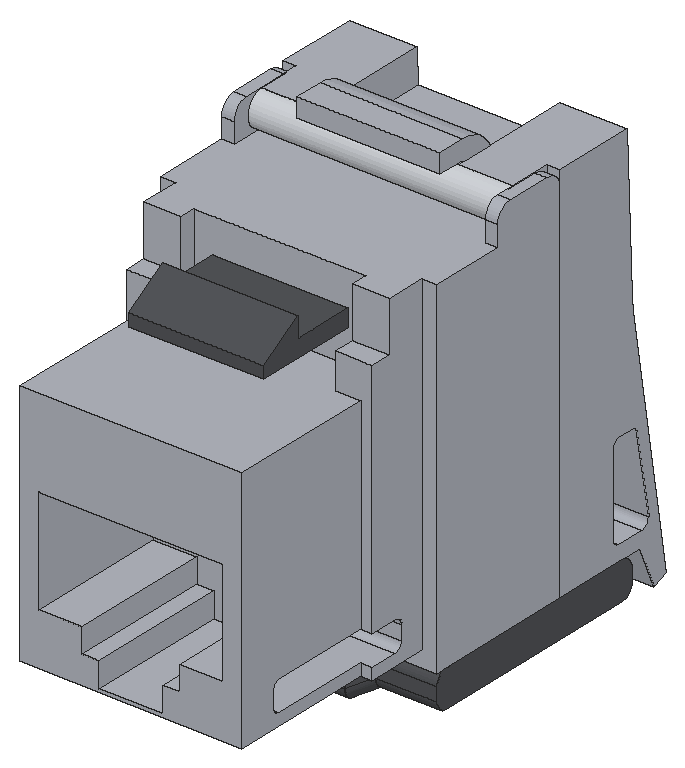
Revit family "RJ45 FTP_FRA", category Equipement spécialisé, Revit 2020
Family settings
  Cote de connecteur circulaire = Utiliser le diamètre
  Type d'élément = Normal
  Basée sur le plan de construction = Non
  Toujours verticalement = Oui
  Couper avec des vides une fois chargée = Non
  Partagée = Oui
  Point de calcul de pièce = Non
Parameters (values of type "Connecteur RJ45 Catégorie 6 FTP (lot de 24)")
  Type de connecteur = "RJ45"
  Température de stockage = "-10_à_70"
  Température de fonctionnement = "-10_à_60"
  Section AWG = "23-26"
  Référence Legrand = "632908"
  Profondeur = 34 mm
  Lien e-catalogue = "https://www.legrand.fr/reference/632908/pro"
  Libellé BIM = "Connecteur RJ45 Catégorie 6 FTP (lot de 24)"
  Largeur (mm) = 18 mm
  IP = "IP20"
  IK = "IK04"
  Hauteur = 31 mm
  Fonction = "Prises murales RJ45"
  Elévation par défaut = 0 mm
  EAN = "3414972227278"
  Diamètre max du câble en entrée = "9MM"
  Couleur = IDS_GRIS
  Classe ETIM = "EC001121"
  Catégorie = "6"
  Blindé = yes
Reference planes
  plane 1 "Centre (avant/arrière)": y = 106
  plane 2: z = 0
  plane 3: x = 0
  plane 4: z = 16.075
  plane 5: x = 14.47
  plane 6: y = 115.65
  plane 7: x = 1.24
  plane 8: x = 13.23
  plane 9: z = 10.32
  plane 10: z = 3.44
  plane 11: z = 0.2
  plane 12: x = 5.16
  plane 13: x = 9.31
  plane 14: z = 1.86
  plane 15: x = 4.06
  plane 16: x = 10.41
  plane 17: y = 119.65
  plane 18: z = 21.675
  plane 19: z = -1
  plane 20: y = 117.05
  plane 21: z = 18.375
  plane 22: x = -0.765
  plane 23: x = 15.235
  plane 24: x = 7.235
  plane 25: z = 24
  plane 26: y = 129.65
  plane 27: y = 124.65
  plane 28: x = -1.765
  plane 29: x = 16.235
  plane 30: x = -0.94
  plane 31: x = 15.41
  plane 32: x = 7.235
  plane 33: z = 25.375
  plane 34: z = 24.125
  plane 35: y = 125.35
  plane 36: y = 126.85
  plane 37: z = 22.9
  plane 38: y = 131.35
  plane 39: y = 127.35
  plane 40: z = -4.8
  plane 41: y = 128.15
  plane 42: z = 22.875
  plane 43: y = 126.85
  plane 44: y = 135.45
  plane 45: z = 14
  plane 46: y = 138.3
  plane 47: z = -3.3
  plane 48: y = 137.3
  plane 49: z = -3.7
  plane 50: y = 123.65
  plane 51: z = 10.5
  plane 52: z = -3.44
  plane 53: y = 135.55
  plane 54: z = -3.44
  plane 55: y = 135.55
  plane 56: z = -4.8
  plane 57: y = 108.5
  plane 58: z = 18.2
  plane 59: z = 19.4
  plane 60: y = 114.05
  plane 61: y = 111.35
  plane 62: z = 20.7
  plane 63: y = 113.65
  plane 64: z = 19
  plane 65: y = 114.2
  plane 66: z = -1.5
  plane 67: y = 111.3
  plane 68: x = 1.635
  plane 69: x = 12.835
  plane 70: y = 134
  plane 71: z = 6.3
  plane 72: y = 135.85
  plane 73: y = 137
  plane 74: y = 134
  plane 75: z = 6.3
  plane 76: y = 135.85
  plane 77: y = 137
Forms (mm)
  Extrusion 1, solid, material "IDS_GRIS" <- "Couleur"
    sketch origin (0, 106, 0) x (1, 0, 0) y (0, 0, 1)
      loop
        line (0, 0) -> (14.47, 0) -> (14.47, 16.075) -> (0, 16.075) -> (0, 0)
    from 0 to -9.65
  Extrusion 2, void
    sketch origin (0, 106, 0) x (-1, 0, 0) y (0, 0, 1)
      loop
        line (-1.24, 3.44) -> (-1.24, 10.32) -> (-13.23, 10.32) -> (-13.23, 3.44) -> (-10.41, 3.44) -> (-10.41, 1.86) -> (-9.31, 1.86) -> (-9.31, 0.2) -> (-5.16, 0.2) -> (-5.16, 1.86) -> (-4.06, 1.86) -> (-4.06, 3.44) -> (-1.24, 3.44)
    from 0 to 9.3
  Extrusion 3, solid, material "IDS_GRIS" <- "Couleur"
    sketch origin (-0.765, -1524, -4.284) x (0, 0, -1) y (0, -1, 0)
      loop
        line (-4.284, -1639.65) -> (-22.659, -1639.65) -> (-22.659, -1641.05) -> (-25.959, -1641.05) -> (-25.959, -1643.65) -> (-4.284, -1643.65) -> (-4.284, -1639.65)
    from 0 to -16
  Extrusion 4, void
    sketch origin (-27.014, 115.65, 1200) x (1, 0, 0) y (0, 0, 1)
      loop
        line (28.649, -1178.325) -> (28.649, -1183.925) -> (39.849, -1183.925) -> (39.849, -1178.325) -> (28.649, -1178.325)
    from 0 to -2.5
  Extrusion 5, solid, material "IDS_GRIS" <- "Couleur"
    sketch origin (-1.765, -1524, -2.503) x (0, 0, -1) y (0, -1, 0)
      loop
        line (-1.503, -1653.65) -> (-1.503, -1643.65) -> (-24.178, -1643.65) -> (-24.178, -1648.65) -> (-25.503, -1648.65)
        arc (-25.503, -1648.65) -> (-26.21, -1648.943) -> (-26.503, -1649.65) r 1
        line (-26.503, -1649.65) -> (-26.503, -1652.65)
        arc (-26.503, -1652.65) -> (-26.21, -1653.357) -> (-25.503, -1653.65) r 1
        line (-25.503, -1653.65) -> (-1.503, -1653.65)
    from 0 to -18
  Extrusion 6, void
    sketch origin (0, 124.65, 27.667) x (0, 0, -1) y (-1, 0, 0)
      loop
        line (5.992, 0.94) -> (3.667, 0.94) -> (3.667, -15.41) -> (5.992, -15.41) -> (5.992, 0.94)
    from 0 to 5
  Extrusion 7, solid, material "IDS_GRIS" <- "Couleur"
    sketch origin (7.235, -1524, 28.784) x (0, 0, 1) y (0, -1, 0)
      loop
        line (-7.109, -1650.85) -> (-7.109, -1653.65) -> (-5.809, -1653.65)
        arc (-5.809, -1653.65) -> (-4.112, -1652.947) -> (-3.409, -1651.25) r 2.4
        line (-3.409, -1651.25) -> (-3.409, -1649.35) -> (-4.659, -1649.35) -> (-4.659, -1650.85)
        arc (-4.659, -1650.85) -> (-5.884, -1652.075) -> (-7.109, -1650.85) r 1.225
    from -4.65 to 4.65
  Extrusion 8, solid, material "IDS_GRIS" <- "Couleur"
    sketch origin (7.235, -1524, 28.784) x (0, 0, 1) y (0, -1, 0)
      loop
        line (-28.784, -1655.35) -> (-28.784, -1651.35) -> (-32.824, -1651.405)
        arc (-32.824, -1651.405) -> (-33.277, -1651.703) -> (-33.584, -1652.15) r 1.4
        line (-33.584, -1652.15) -> (-33.584, -1654.85)
        arc (-33.584, -1654.85) -> (-33.437, -1655.204) -> (-33.084, -1655.35) r 0.5
        line (-33.084, -1655.35) -> (-28.784, -1655.35)
    from -5 to 5
  Extrusion 9, solid
    sketch origin (7.235, -1524, 28.784) x (0, 0, 1) y (0, -1, 0)
      loop
        circle (-5.909, -1650.85) r 1.15
    from -8.175 to 8.175
  Extrusion 10, solid, material "IDS_GRIS" <- "Couleur"
    sketch origin (7.235, -1524, 28.784) x (0, 0, 1) y (0, -1, 0)
      loop
        line (-29.784, -1653.65) -> (-29.784, -1660.22) -> (-32.484, -1661.3) -> (-32.084, -1662.3) -> (-15.732, -1659.665)
        arc (-15.732, -1659.665) -> (-15.261, -1659.579) -> (-14.784, -1659.541) r 4.871
        line (-14.784, -1659.541) -> (-4.759, -1659.1) -> (-4.759, -1650.85)
        arc (-4.759, -1650.85) -> (-5.909, -1649.7) -> (-7.059, -1650.85) r 1.15
        line (-7.059, -1650.85) -> (-7.059, -1653.65) -> (-29.784, -1653.65)
    from -9 to 9
  Extrusion 11, void
    sketch origin (-1.765, -1524, -2.503) x (0, 0, 1) y (0, -1, 0)
      loop
        line (24.228, -1653.65) -> (26.528, -1653.65) -> (26.528, -1650.85)
        arc (26.528, -1650.85) -> (25.378, -1649.7) -> (24.228, -1650.85) r 1.15
        line (24.228, -1650.85) -> (24.228, -1653.65)
    from 0.825 to 0
  Extrusion 12, void
    sketch origin (16.235, -1524, 29.162) x (0, 0, -1) y (0, -1, 0)
      loop
        line (5.137, -1650.85) -> (5.137, -1653.65) -> (7.437, -1653.65) -> (7.437, -1650.85)
        arc (7.437, -1650.85) -> (6.287, -1649.7) -> (5.137, -1650.85) r 1.15
    from 0 to 0.825
  Extrusion 13, void
    sketch origin (7.235, -1524, 28.784) x (0, 0, -1) y (0, -1, 0)
      loop
        line (4.759, -1650.85) -> (4.759, -1659.1) -> (7.059, -1659.201) -> (7.059, -1650.85)
        arc (7.059, -1650.85) -> (5.909, -1652) -> (4.759, -1650.85) r 1.15
    from -4.65 to 4.65
  Extrusion 14, void
    sketch origin (0, 123.65, 24.886) x (0, 0, -1) y (-1, 0, 0)
      loop
        circle (14.386, -7.235) r 4.9
    from 0 to 26.097
  Extrusion 15, solid, material "IDS_GRIS" <- "Couleur"
    sketch origin (7.235, -1524, 28.784) x (0, 0, 1) y (0, -1, 0)
      loop
        line (-29.784, -1655.35) -> (-33.384, -1655.35) -> (-34.205, -1660.007)
        arc (-34.205, -1660.007) -> (-33.951, -1660.533) -> (-33.371, -1660.46) r 0.5
        line (-33.371, -1660.46) -> (-29.784, -1657.114) -> (-29.784, -1655.35)
    from -5 to 5
  Extrusion 16, solid, material "IDS_NOIR"
    sketch origin (2.235, -1524, 28.784) x (0, 0, -1) y (0, -1, 0)
      loop
        line (32.224, -1658.75) -> (32.224, -1644.45)
        arc (32.224, -1644.45) -> (31.989, -1643.884) -> (31.424, -1643.65) r 0.8
        line (31.424, -1643.65) -> (30.584, -1643.65)
        arc (30.584, -1643.65) -> (30.018, -1643.884) -> (29.784, -1644.45) r 0.8
        line (29.784, -1644.45) -> (29.784, -1658.75)
        arc (29.784, -1658.75) -> (30.018, -1659.316) -> (30.584, -1659.55) r 0.8
        line (30.584, -1659.55) -> (31.424, -1659.55)
        arc (31.424, -1659.55) -> (31.989, -1659.316) -> (32.224, -1658.75) r 0.8
    from 0 to 4
  Extrusion 17, solid, material "IDS_NOIR"
    sketch origin (12.235, -1524, 28.784) x (0, 0, -1) y (0, 1, 0)
      loop
        arc (32.224, 1658.75) -> (31.989, 1659.316) -> (31.424, 1659.55) r 0.8
        line (31.424, 1659.55) -> (30.584, 1659.55)
        arc (30.584, 1659.55) -> (30.018, 1659.316) -> (29.784, 1658.75) r 0.8
        line (29.784, 1658.75) -> (29.784, 1644.45)
        arc (29.784, 1644.45) -> (30.018, 1643.884) -> (30.584, 1643.65) r 0.8
        line (30.584, 1643.65) -> (31.424, 1643.65)
        arc (31.424, 1643.65) -> (31.989, 1643.884) -> (32.224, 1644.45) r 0.8
        line (32.224, 1644.45) -> (32.224, 1658.75)
    from 0 to 4
  Extrusion 18, solid, material "IDS_NOIR"
    sketch origin (7.235, -1524, 28.784) x (0, 0, 1) y (0, -1, 0)
      loop
        line (-29.784, -1658.75) -> (-29.784, -1657.95)
        arc (-29.784, -1657.95) -> (-30.018, -1657.384) -> (-30.584, -1657.15) r 0.8
        line (-30.584, -1657.15) -> (-31.424, -1657.15)
        arc (-31.424, -1657.15) -> (-31.989, -1657.384) -> (-32.224, -1657.95) r 0.8
        line (-32.224, -1657.95) -> (-32.224, -1658.75)
        arc (-32.224, -1658.75) -> (-31.989, -1659.316) -> (-31.424, -1659.55) r 0.8
        line (-31.424, -1659.55) -> (-30.584, -1659.55)
        arc (-30.584, -1659.55) -> (-30.018, -1659.316) -> (-29.784, -1658.75) r 0.8
    from -5 to 5
  Extrusion 19, solid, material "IDS_NOIR"
    sketch origin (7.235, -1524, 28.784) x (0, 0, 1) y (0, -1, 0)
      loop
        arc (-31.034, -1644.45) -> (-31.268, -1643.884) -> (-31.834, -1643.65) r 0.8
        line (-31.834, -1643.65) -> (-32.784, -1643.65)
        arc (-32.784, -1643.65) -> (-33.349, -1643.884) -> (-33.584, -1644.45) r 0.8
        line (-33.584, -1644.45) -> (-33.584, -1650.55)
        arc (-33.584, -1650.55) -> (-33.349, -1651.116) -> (-32.784, -1651.35) r 0.8
        line (-32.784, -1651.35) -> (-31.834, -1651.35)
        arc (-31.834, -1651.35) -> (-31.268, -1651.116) -> (-31.034, -1650.55) r 0.8
        line (-31.034, -1650.55) -> (-31.034, -1644.45)
    from -3 to 3
  SweptBlend 20, solid, material "IDS_NOIR"
    path origin (7.235, 119.65, -4) x (0, 0, 1) y (-1, 0, 0)
      loop
        line (0.95, 3) -> (0.95, 5)
    profile origin (4.235, 119.65, -3.05) x (0, 0, -1) y (0, -1, 0)
      loop
        line (-0.8, -0.8) -> (-0.8, -6.9)
        arc (-0.8, -6.9) -> (-0.566, -7.466) -> (0, -7.7) r 0.8
        line (0, -7.7) -> (0.95, -7.7)
        arc (0.95, -7.7) -> (1.516, -7.466) -> (1.75, -6.9) r 0.8
        line (1.75, -6.9) -> (1.75, -0.8)
        arc (1.75, -0.8) -> (1.516, -0.234) -> (0.95, 0) r 0.8
        line (0.95, 0) -> (0, 0)
        arc (0, 0) -> (-0.566, -0.234) -> (-0.8, -0.8) r 0.8
    end profile origin (2.235, 119.65, -3.05) x (0, 0, -1) y (0, -1, 0)
      loop
        line (-0.41, 0) -> (-1.25, 0)
        arc (-1.25, 0) -> (-1.816, -0.234) -> (-2.05, -0.8) r 0.8
        line (-2.05, -0.8) -> (-2.05, -6.9)
        arc (-2.05, -6.9) -> (-1.816, -7.466) -> (-1.25, -7.7) r 0.8
        line (-1.25, -7.7) -> (-0.41, -7.7)
        arc (-0.41, -7.7) -> (0.156, -7.466) -> (0.39, -6.9) r 0.8
        line (0.39, -6.9) -> (0.39, -0.8)
        arc (0.39, -0.8) -> (0.156, -0.234) -> (-0.41, 0) r 0.8
  SweptBlend 21, solid, material "IDS_NOIR"
    path origin (7.235, 119.65, -4) x (0, 0, 1) y (-1, 0, 0)
      loop
        line (0.886, -3) -> (0.886, -5)
    profile origin (10.235, 119.65, -3.114) x (0, 0, 1) y (0, -1, 0)
      loop
        line (-1.686, -0.8) -> (-1.686, -6.9)
        arc (-1.686, -6.9) -> (-1.452, -7.466) -> (-0.886, -7.7) r 0.8
        line (-0.886, -7.7) -> (0.064, -7.7)
        arc (0.064, -7.7) -> (0.629, -7.466) -> (0.864, -6.9) r 0.8
        line (0.864, -6.9) -> (0.864, -0.8)
        arc (0.864, -0.8) -> (0.629, -0.234) -> (0.064, 0) r 0.8
        line (0.064, 0) -> (-0.886, 0)
        arc (-0.886, 0) -> (-1.452, -0.234) -> (-1.686, -0.8) r 0.8
    end profile origin (12.235, 119.65, -3.114) x (0, 0, 1) y (0, -1, 0)
      loop
        arc (0.474, 0) -> (-0.092, -0.234) -> (-0.326, -0.8) r 0.8
        line (-0.326, -0.8) -> (-0.326, -6.9)
        arc (-0.326, -6.9) -> (-0.092, -7.466) -> (0.474, -7.7) r 0.8
        line (0.474, -7.7) -> (1.314, -7.7)
        arc (1.314, -7.7) -> (1.879, -7.466) -> (2.114, -6.9) r 0.8
        line (2.114, -6.9) -> (2.114, -0.8)
        arc (2.114, -0.8) -> (1.879, -0.234) -> (1.314, 0) r 0.8
        line (1.314, 0) -> (0.474, 0)
  Extrusion 22, void
    sketch origin (14.47, 106, 0) x (0, 0, -1) y (0, -1, 0)
      loop
        arc (-0.75, -3.03) -> (-0.896, -2.676) -> (-1.25, -2.53) r 0.5
        line (-1.25, -2.53) -> (-2.225, -2.53)
        arc (-2.225, -2.53) -> (-2.579, -2.676) -> (-2.725, -3.03) r 0.5
        line (-2.725, -3.03) -> (-2.725, -11.53)
        arc (-2.725, -11.53) -> (-2.579, -11.884) -> (-2.225, -12.03) r 0.5
        line (-2.225, -12.03) -> (-1.25, -12.03)
        arc (-1.25, -12.03) -> (-0.896, -11.884) -> (-0.75, -11.53) r 0.5
        line (-0.75, -11.53) -> (-0.75, -3.03)
    from -0.765 to 2.76
  Extrusion 23, void
    sketch origin (0, 106, 0) x (0, 0, -1) y (0, 1, 0)
      loop
        line (-0.75, 3) -> (-0.75, 11.5)
        arc (-0.75, 11.5) -> (-0.896, 11.854) -> (-1.25, 12) r 0.5
        line (-1.25, 12) -> (-2.225, 12)
        arc (-2.225, 12) -> (-2.579, 11.854) -> (-2.725, 11.5) r 0.5
        line (-2.725, 11.5) -> (-2.725, 3)
        arc (-2.725, 3) -> (-2.579, 2.646) -> (-2.225, 2.5) r 0.5
        line (-2.225, 2.5) -> (-1.25, 2.5)
        arc (-1.25, 2.5) -> (-0.896, 2.646) -> (-0.75, 3) r 0.5
    from -0.765 to 2.76
  Extrusion 24, solid, material "IDS_NOIR"
    sketch origin (7.235, -1524, 28.784) x (0, 0, 1) y (0, -1, 0)
      loop
        line (-10.584, -1642.15) -> (-9.384, -1642.15) -> (-9.384, -1638.05) -> (-8.084, -1638.05) -> (-9.784, -1635.35) -> (-10.584, -1635.35) -> (-10.584, -1642.15)
    from -4.4 to 4.4
  Extrusion 25, solid, material "IDS_GRIS" <- "Couleur"
    sketch origin (7.235, -1524, 28.784) x (0, 0, 1) y (0, -1, 0)
      loop
        line (-28.784, -1638.2) -> (-28.784, -1635.3) -> (-30.284, -1638.2) -> (-28.784, -1638.2)
    from -5.25 to 5.25
  Extrusion 26, void
    sketch origin (-1.765, -1524, 28.784) x (0, 0, 1) y (0, -1, 0)
      loop
        line (-28.194, -1660.892) -> (-22.484, -1659.85) -> (-22.484, -1658.5)
        arc (-22.484, -1658.5) -> (-22.63, -1658.146) -> (-22.984, -1658) r 0.5
        line (-22.984, -1658) -> (-28.284, -1658)
        arc (-28.284, -1658) -> (-28.637, -1658.146) -> (-28.784, -1658.5) r 0.5
        line (-28.784, -1658.5) -> (-28.784, -1660.4)
        arc (-28.784, -1660.4) -> (-28.604, -1660.784) -> (-28.194, -1660.892) r 0.5
    from 0 to 6
  Extrusion 27, void
    sketch origin (16.235, -1524, 28.784) x (0, 0, 1) y (0, 1, 0)
      loop
        arc (-28.194, 1660.892) -> (-28.604, 1660.784) -> (-28.784, 1660.4) r 0.5
        line (-28.784, 1660.4) -> (-28.784, 1658.5)
        arc (-28.784, 1658.5) -> (-28.637, 1658.146) -> (-28.284, 1658) r 0.5
        line (-28.284, 1658) -> (-22.984, 1658)
        arc (-22.984, 1658) -> (-22.63, 1658.146) -> (-22.484, 1658.5) r 0.5
        line (-22.484, 1658.5) -> (-22.484, 1659.85) -> (-28.194, 1660.892)
    from 0 to 6
Cuts and joins
  Extrusion 2, Extrusion 4, Extrusion 14, Extrusion 22, Extrusion 23 cuts Extrusion 1
  Extrusion 4, Extrusion 14, Extrusion 22, Extrusion 23 cuts Extrusion 3
  Extrusion 6, Extrusion 22, Extrusion 23 cuts Extrusion 5
  joined: Extrusion 1, Extrusion 3, Extrusion 5, Extrusion 25
  Extrusion 11, Extrusion 13 cuts Extrusion 9
  Extrusion 11, Extrusion 12, Extrusion 13, Extrusion 14, Extrusion 26, Extrusion 27 cuts Extrusion 10
  joined: Extrusion 16, Extrusion 17, Extrusion 18, Extrusion 19
  joined: SweptBlend 20, SweptBlend 21
Dimensions and locks
  locked: plane 4 to level at 16.075
  locked: plane 5 to plane 3 at 14.47
  locked: plane 1 "Centre (avant/arrière)" to plane 6 at 9.65
  plane 7 to plane 3 = 1.24 mm
  plane 5 to plane 8 = 1.24 mm
  plane 11 to level = 0.2 mm
  plane 15 to plane 7 = 2.82 mm
  plane 8 to plane 16 = 2.82 mm
  plane 12 to plane 15 = 1.1 mm
  plane 16 to plane 13 = 1.1 mm
  plane 14 to plane 11 = 1.66 mm
  plane 10 to plane 14 = 1.58 mm
  plane 9 to plane 10 = 6.88 mm
  plane 17 to plane 6 = 4 mm
  locked: plane 18 to plane 4 at 5.6
  plane 21 to plane 4 = 2.3 mm
  plane 20 to plane 6 = 1.4 mm
  locked: plane 22 to plane 3 at 0.765
  locked: plane 5 to plane 23 at 0.765
  equal spacing: plane 22, plane 24, plane 23
  locked: level to plane 19 at 1
  plane 26 to plane 17 = 10 mm
  plane 26 to plane 27 = 5 mm
  locked: plane 28 to plane 22 at 1
  locked: plane 29 to plane 23 at 1
  plane 28 to plane 30 = 0.825 mm
  plane 29 to plane 31 = 0.825 mm
  plane 25 to plane 18 = 2.325 mm
  equal spacing: plane 28, plane 32, plane 29, locked at 9 each
  plane 33 to plane 18 = 3.7 mm
  plane 33 to plane 34 = 1.25 mm
  plane 26 to plane 35 = 4.3 mm
  plane 36 to plane 35 = 1.5 mm
  equal spacing: plane 34, plane 37, cut or joined group 1 (Extrusion 1, Extrusion 2, Extrusion 3, Extrusion 4, Extrusion 5, Extrusion 6, Extrusion 14, Extrusion 22, Extrusion 23, Extrusion 25)
  locked: plane 38 to cut or joined group 1 at 1.7
  plane 38 to plane 39 = 4 mm
  plane 38 to plane 41 = 3.2 mm
  plane 42 to plane 18 = 1.2 mm
  Extrusion 10 sketch curve to cut or joined group 1 = 5.45 mm
  plane 19 to plane 45 = 15 mm
  plane 44 to cut or joined group 1 = 5.8 mm
  cut or joined group 1 to plane 46 = 8.65 mm
  plane 19 to plane 47 = 2.3 mm
  plane 19 to plane 49 = 2.7 mm
  plane 26 to plane 50 = 6 mm
  plane 51 to plane 25 = 13.5 mm
  plane 19 to Extrusion 15 sketch curve = 3.6 mm
  plane 19 to plane 40 = 3.8 mm
  plane 52 to cut or joined group of Extrusion 10, Extrusion 11, Extrusion 12, Extrusion 13, Extrusion 14, Extrusion 26, Extrusion 27 = 2.44 mm
  plane 53 to plane 17 = 15.9 mm
  plane 19 to Extrusion 19 sketch curve = 1.25 mm
  cut or joined group 1 to Extrusion 22 sketch curve = 0.75 mm
  Extrusion 22 sketch curve to Extrusion 22 sketch curve = 1.975 mm
  Extrusion 22 sketch curve to cut or joined group 1 = 2.53 mm
  Extrusion 22 sketch curve to Extrusion 22 sketch curve = 9.5 mm
  Extrusion 23 sketch curve to Extrusion 23 sketch curve = 1.975 mm
  Extrusion 23 sketch curve to Extrusion 23 sketch curve = 9.5 mm
  plane 57 to plane 1 "Centre (avant/arrière)" = 2.5 mm
  plane 26 to plane 43 = 2.8 mm
  plane 58 to level = 18.2 mm
  plane 59 to plane 58 = 1.2 mm
  cut or joined group 1 to plane 61 = 5.7 mm
  cut or joined group 1 to plane 60 = 3 mm
  plane 62 to plane 59 = 1.3 mm
  plane 64 to plane 58 = 0.8 mm
  plane 65 to plane 1 "Centre (avant/arrière)" = 8.2 mm
  plane 68 to plane 24 = 5.6 mm
  plane 69 to plane 24 = 5.6 mm
  plane 70 to plane 1 "Centre (avant/arrière)" = 28 mm
  plane 71 to level = 6.3 mm
  plane 72 to plane 70 = 1.85 mm
  plane 73 to plane 70 = 3 mm
  plane 74 to plane 76 = 1.85 mm
  plane 74 to plane 77 = 3 mm
  radius of Extrusion 9 sketch curve = 1.15 mm
  angle Extrusion 15 sketch curve to Extrusion 15 sketch curve = 100.00°
  angle Extrusion 15 sketch curve to Extrusion 15 sketch curve = 37.00°
  aligned and locked: level to plane 2
  aligned and locked: plane 2 to Extrusion 1 sketch curve
  aligned and locked: plane 3 to Extrusion 1 sketch curve
  aligned and locked: Extrusion 1 sketch curve to plane 4
  aligned and locked: plane 5 to Extrusion 1 sketch curve
  aligned and locked: plane 6 to Extrusion 1
  aligned and locked: Extrusion 2 sketch curve to plane 7
  aligned and locked: plane 9 to Extrusion 2 sketch curve
  aligned and locked: plane 8 to Extrusion 2 sketch curve
  aligned and locked: Extrusion 2 sketch curve to plane 10  (x2)
  aligned and locked: plane 16 to Extrusion 2 sketch curve
  aligned and locked: Extrusion 2 sketch curve to plane 14  (x2)
  aligned and locked: plane 13 to Extrusion 2 sketch curve
  aligned and locked: Extrusion 2 sketch curve to plane 11
  aligned and locked: plane 12 to Extrusion 2 sketch curve
  aligned and locked: Extrusion 2 sketch curve to plane 15
  aligned and locked: Extrusion 3 sketch curve to plane 17
  aligned and locked: plane 18 to Extrusion 3 sketch curve
  aligned and locked: Extrusion 3 sketch curve to plane 20
  aligned and locked: plane 21 to Extrusion 3 sketch curve
  aligned and locked: Extrusion 3 sketch curve to plane 6
  aligned and locked: plane 23 to Extrusion 3
  aligned and locked: Extrusion 5 sketch curve to plane 26
  aligned and locked: plane 25 to Extrusion 5 sketch curve
  aligned and locked: plane 27 to Extrusion 5 sketch curve
  aligned and locked: Extrusion 5 sketch curve to plane 18
  aligned and locked: Extrusion 5 sketch curve to Extrusion 3
  aligned and locked: Extrusion 5 sketch curve to plane 19
  aligned and locked: plane 29 to Extrusion 5
  aligned and locked: plane 18 to Extrusion 6 sketch curve
  aligned and locked: plane 30 to Extrusion 6 sketch curve
  aligned and locked: Extrusion 6 sketch curve to plane 25
  aligned and locked: Extrusion 6 sketch curve to plane 31
  aligned and locked: Extrusion 6 to plane 26
  aligned and locked: Extrusion 7 sketch curve to cut or joined group 1
  aligned and locked: cut or joined group 1 to Extrusion 7 sketch curve
  aligned and locked: plane 33 to Extrusion 7 sketch curve
  aligned and locked: Extrusion 7 sketch curve to plane 35
  aligned and locked: plane 34 to Extrusion 7 sketch curve
  aligned and locked: plane 38 to Extrusion 8 sketch curve
  aligned and locked: plane 41 to Extrusion 8 sketch curve
  aligned and locked: plane 40 to Extrusion 8 sketch curve
  aligned and locked: Extrusion 8 sketch curve to level
  aligned and locked: Extrusion 9 to cut or joined group 1
  aligned and locked: cut or joined group 1 to Extrusion 9
  aligned and locked: Extrusion 10 sketch curve to plane 26
  aligned and locked: Extrusion 10 sketch curve to Extrusion 9
  aligned and locked: plane 47 to Extrusion 10 sketch curve
  aligned and locked: cut or joined group 1 to Extrusion 10 sketch curve
  aligned and locked: plane 48 to Extrusion 10 sketch curve
  aligned and locked: plane 29 to Extrusion 10
  aligned and locked: plane 28 to Extrusion 10
  aligned and locked: Extrusion 11 sketch curve to Extrusion 10  (x2)
  aligned and locked: Extrusion 11 sketch curve to Extrusion 7
  aligned and locked: Extrusion 11 to cut or joined group 1
  aligned and locked: Extrusion 12 to cut or joined group 1
  aligned and locked: Extrusion 13 sketch curve to cut or joined group of Extrusion 9, Extrusion 11, Extrusion 13
  aligned and locked: Extrusion 13 to Extrusion 7
  aligned and locked: Extrusion 7 to Extrusion 13
  aligned and locked: plane 38 to Extrusion 15 sketch curve
  aligned and locked: plane 19 to Extrusion 15 sketch curve
  aligned and locked: plane 52 to Extrusion 16 sketch curve
  aligned and locked: Extrusion 16 sketch curve to plane 53
  aligned and locked: cut or joined group 1 to Extrusion 16 sketch curve
  aligned and locked: Extrusion 16 sketch curve to cut or joined group 1
  aligned and locked: Extrusion 8 to Extrusion 15
  aligned and locked: Extrusion 15 to Extrusion 8
  aligned and locked: plane 28 to Extrusion 16
  aligned and locked: plane 54 to Extrusion 17 sketch curve
  aligned and locked: plane 55 to Extrusion 17 sketch curve
  aligned and locked: plane 29 to Extrusion 17
  aligned and locked: Extrusion 17 to Extrusion 8
  aligned and locked: Extrusion 18 sketch curve to Extrusion 16
  aligned and locked: Extrusion 16 to Extrusion 18 sketch curve
  aligned and locked: plane 19 to Extrusion 18 sketch curve
  aligned and locked: Extrusion 8 to Extrusion 18  (x2)
  aligned and locked: plane 56 to Extrusion 8
  aligned and locked: plane 56 to Extrusion 19 sketch curve
  aligned and locked: SweptBlend 20 sketch curve to Extrusion 19  (x4)
  aligned and locked: SweptBlend 20 sketch curve to Extrusion 16  (x2)
  aligned and locked: SweptBlend 21 sketch curve to Extrusion 19  (x4)
  aligned and locked: SweptBlend 21 sketch curve to Extrusion 17  (x2)
  aligned and locked: Extrusion 3 to Extrusion 23
  aligned and locked: Extrusion 22 to Extrusion 3
  aligned and locked: plane 57 to Extrusion 23 sketch curve
  aligned and locked: cut or joined group 1 to Extrusion 24 sketch curve
  aligned and locked: plane 59 to Extrusion 24 sketch curve
  aligned and locked: plane 60 to Extrusion 24 sketch curve
  aligned and locked: plane 58 to Extrusion 24 sketch curve
  aligned and locked: plane 64 to Extrusion 24 sketch curve
  aligned and locked: Extrusion 24 sketch curve to plane 61
  aligned and locked: plane 65 to Extrusion 25 sketch curve
  aligned and locked: Extrusion 25 sketch curve to level
  aligned and locked: Extrusion 4 sketch curve to plane 68
  aligned and locked: plane 4 to Extrusion 4 sketch curve
  aligned and locked: Extrusion 4 sketch curve to plane 69
  aligned and locked: Extrusion 4 sketch curve to plane 18
  aligned and locked: Extrusion 26 sketch curve to plane 71
  aligned and locked: Extrusion 26 sketch curve to plane 70
  aligned and locked: level to Extrusion 26 sketch curve
  aligned and locked: Extrusion 13 sketch curve to cut or joined group of Extrusion 10, Extrusion 11, Extrusion 12, Extrusion 13, Extrusion 14, Extrusion 26, Extrusion 27
  aligned and locked: Extrusion 27 sketch curve to plane 75
  aligned and locked: plane 74 to Extrusion 27 sketch curve
Automatic sketch dimensions
  Extrusion 3 sketch curve to level = 0 mm
  Extrusion 5 sketch curve to plane 25 = 1 mm  (x2)
  Extrusion 7 sketch curve to plane 36 = 0 mm  (x2)
  plane 37 to Extrusion 7 sketch curve = 0.075 mm
  Extrusion 8 sketch curve to plane 39 = 0 mm
  Extrusion 8 sketch curve to Extrusion 8 sketch curve = 0.5 mm
  Extrusion 8 sketch curve to plane 39 = 0.055 mm
  plane 40 to Extrusion 8 sketch curve = 0.759 mm
  Extrusion 8 sketch curve to plane 41 = 0.553 mm
  Extrusion 9 sketch curve to plane 42 = 0 mm
  Extrusion 9 sketch curve to plane 43 = 0 mm
  Extrusion 12 sketch curve to plane 26 = 0 mm
  plane 25 to Extrusion 12 sketch curve = 0.025 mm
  Extrusion 12 sketch curve to plane 25 = 1.125 mm
  Extrusion 12 sketch curve to plane 27 = 2.2 mm
  plane 25 to Extrusion 13 sketch curve = 0.025 mm
  plane 18 to Extrusion 13 sketch curve = 0.05 mm
  Extrusion 13 sketch curve to Extrusion 13 sketch curve = 0 mm  (x2)
  Extrusion 14 sketch curve to plane 32 = 0 mm
  Extrusion 14 sketch curve to plane 51 = 0 mm
  Extrusion 15 sketch curve to plane 19 = 3.929 mm
  Extrusion 15 sketch curve to Extrusion 15 sketch curve = 0.492 mm
  Extrusion 15 sketch curve to Extrusion 15 sketch curve = 0.341 mm
  Extrusion 15 sketch curve to Extrusion 15 sketch curve = 0.087 mm
  Extrusion 16 sketch curve to Extrusion 16 sketch curve = 0.8 mm  (x2)
  Extrusion 16 sketch curve to Extrusion 16 sketch curve = 0.84 mm  (x2)
  Extrusion 17 sketch curve to plane 19 = 0 mm
  Extrusion 17 sketch curve to plane 17 = 0 mm
  Extrusion 17 sketch curve to plane 19 = 0.8 mm
  Extrusion 17 sketch curve to Extrusion 17 sketch curve = 0.8 mm
  plane 54 to Extrusion 17 sketch curve = 0.8 mm  (x2)
  Extrusion 18 sketch curve to Extrusion 18 sketch curve = 0.8 mm  (x3)
  Extrusion 18 sketch curve to plane 19 = 0.8 mm
  Extrusion 18 sketch curve to Extrusion 18 sketch curve = 0 mm
  Extrusion 19 sketch curve to plane 17 = 0 mm
  plane 56 to Extrusion 19 sketch curve = 0.8 mm  (x2)
  Extrusion 19 sketch curve to Extrusion 19 sketch curve = 0.95 mm  (x2)
  Extrusion 19 sketch curve to plane 27 = 1.9 mm
  SweptBlend 20 sketch curve to Extrusion 19 = 0 mm  (x2)
  SweptBlend 20 sketch curve to Extrusion 19 = 2 mm
  SweptBlend 20 sketch curve to SweptBlend 20 sketch curve = 0.8 mm
  profile plane to SweptBlend 20 sketch curve = 0.41 mm
  SweptBlend 20 sketch curve to SweptBlend 20 sketch curve = 6.1 mm
  Extrusion 19 to SweptBlend 21 sketch curve = 0 mm
  Extrusion 19 to SweptBlend 21 sketch curve = 0.064 mm
  SweptBlend 21 sketch curve to Extrusion 19 = 2 mm
  SweptBlend 21 sketch curve to profile plane = 0.474 mm
  SweptBlend 21 sketch curve to SweptBlend 21 sketch curve = 0.84 mm
  SweptBlend 21 sketch curve to SweptBlend 21 sketch curve = 6.1 mm
  Extrusion 22 sketch curve to Extrusion 22 sketch curve = 0.5 mm  (x4)
  Extrusion 23 sketch curve to plane 57 = 0.5 mm
  level to Extrusion 23 sketch curve = 2.725 mm
  Extrusion 23 sketch curve to Extrusion 23 sketch curve = 0.5 mm  (x3)
  Extrusion 24 sketch curve to plane 62 = 0 mm
  Extrusion 25 sketch curve to plane 66 = 0 mm
  Extrusion 25 sketch curve to plane 67 = 0 mm
  Extrusion 26 sketch curve to Extrusion 26 sketch curve = 0.5 mm  (x3)
  Extrusion 26 sketch curve to Extrusion 26 sketch curve = 0.09 mm
  Extrusion 26 sketch curve to Extrusion 26 sketch curve = 1.35 mm
  Extrusion 26 sketch curve to Extrusion 26 sketch curve = 1.9 mm
  Extrusion 27 sketch curve to level = 0 mm
  Extrusion 27 sketch curve to plane 76 = 0 mm
  level to Extrusion 27 sketch curve = 0.5 mm  (x2)
  Extrusion 27 sketch curve to plane 77 = 0.108 mm
  Extrusion 27 sketch curve to Extrusion 27 sketch curve = 0.09 mm
  Extrusion 27 sketch curve to plane 74 = 0.5 mm
  Extrusion 10 sketch curve to plane 49 = 0 mm
  Extrusion 10 sketch curve to plane 45 = 0 mm
  Extrusion 10 sketch curve to plane 46 = 0 mm
  Extrusion 10 sketch curve to plane 44 = 0.215 mm
  Extrusion 10 sketch curve to plane 45 = 0.948 mm
  plane 45 to Extrusion 10 sketch curve = 0.156 mm
  plane 46 to Extrusion 10 sketch curve = 2.109 mm
  radius of Extrusion 14 sketch curve = 4.9 mm
